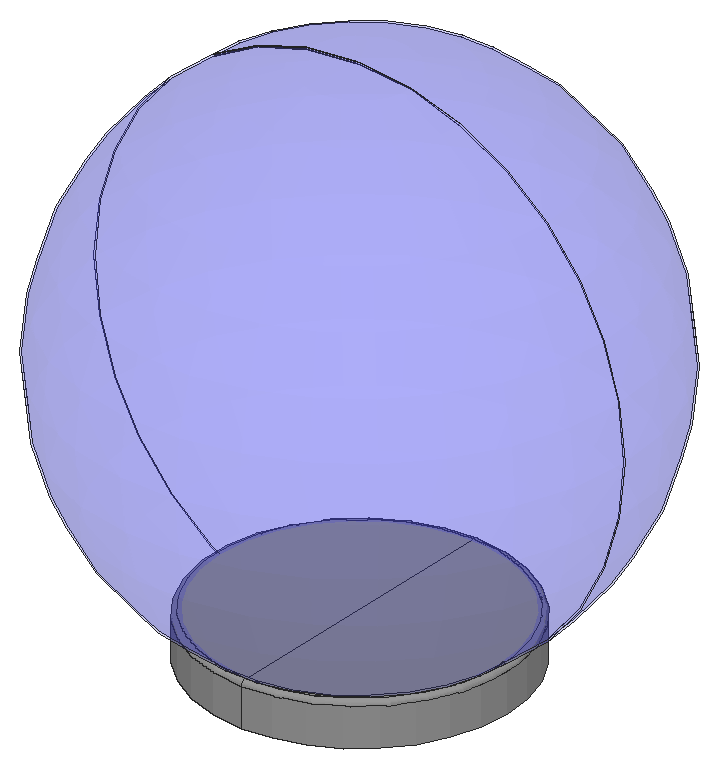
Revit family "50540_BEGA_Revit", category Lighting Fixtures, host Face, Revit 2018
Family settings
  Host = Face
  Round Connector Dimension = Use Diameter
  Part Type = Normal
  Cut with Voids When Loaded = Yes
  Light Source = Yes
  Shared = No
  Room Calculation Point = No
Parameters (values of type "Ceiling and wall luminaire")
  Wattage = 18.7489 W
  built-in parameter 1150110 = 1 (stored number, unit not read)
  URL = "www.bega-us.com"
  built-in parameter 1114217 = 1 (stored number, unit not read)
  Tilt Angle = 180.00°
  built-in parameter 1150109 = 1 (stored number, unit not read)
  built-in parameter 1150134 = 12
  Telephone = "805.684.0533"
  built-in parameter 1150113 = 1 (stored number, unit not read)
  Photometric Web File = "50540K4_BEGA_IES.ies"
  Model = "50540"
  Manufacturer = "BEGA-US"
  built-in parameter 1150105 = 221.62 (stored number, unit not read)
  Lumens = 2785 lm
  built-in parameter 1150115 = 1 (stored number, unit not read)
  built-in parameter 1150137 = (empty or 0)
  built-in parameter 1150139 = (empty or 0)
  built-in parameter 1150112 = 1 (stored number, unit not read)
  built-in parameter 1150114 = 1 (stored number, unit not read)
  Lamp = "8.4W LED"
  built-in parameter 1150132 = 2
  built-in parameter 1150102 = (empty or 0)
  built-in parameter 1150107 = 4000 (stored number, unit not read)
  built-in parameter 1150138 = (empty or 0)
  built-in parameter 1150106 = 2.2162 (stored number, unit not read)
  built-in parameter 1150104 = 13.8 (stored number, unit not read)
  Dimming Lamp Color Temperature Shift = <None>
  Description = "Ceiling and wall luminaire"
  Default Elevation = 6' - 0"
  Color Filter = 16777215
  built-in parameter 1114218 = 1 (stored number, unit not read)
  built-in parameter 1150133 = 10 (stored number, unit not read)
Types (5): name | Wattage | Tilt Angle | built-in parameter 1150134 | Photometric Web File | Model | built-in parameter 1150105 | Lumens | Lamp | built-in parameter 1150107 | built-in parameter 1150106 | Description
  (no name) | 18.7489 W | 180.00° | 12 | "50540K4_BEGA_IES.ies" | "50540" | 221.62 (stored number, unit not read) | 2785 lm | "8.4W LED" | 4000 (stored number, unit not read) | 2.2162 (stored number, unit not read) | "Ceiling and wall luminaire"
  Wall Luminaires - Directed Light | 18.4392 W | 90.00° | (empty or 0) | "generic" | "2260LED" | 217.96 (stored number, unit not read) | 2739 lm | "44.6W LED" | 3000 (stored number, unit not read) | 2.1796 (stored number, unit not read) | "Surface wall with cutoff optics"
  Wall Luminaires - Linear | 9.92985 W | 90.00° | 9 | "generic" | "4425P" | 117.38 (stored number, unit not read) | 1475 lm | "(1) 39W CF twin-4-p" | 3450 (stored number, unit not read) | 1.1738 (stored number, unit not read) | "Suface wall - linear with white acrylic diffuser"
  Ceiling and Wall Luminaires - Unshielded | 2.66591 W | 90.00° | (empty or 0) | "33508.ies" | "33 508" | 31.513 (stored number, unit not read) | 396 lm | "8.4W LED" | 3000 (stored number, unit not read) | 0.31513 (stored number, unit not read) | "LED ceiling and wall luminaires - impact resistant"
  Ceiling and wall luminaire | 18.7489 W | 180.00° | 12 | "50540K4_BEGA_IES.ies" | "50540" | 221.62 (stored number, unit not read) | 2785 lm | "8.4W LED" | 4000 (stored number, unit not read) | 2.2162 (stored number, unit not read) | "Ceiling and wall luminaire"
Reference planes (in)
  plane 1 "Center (Front/Back)": y = 0
  plane 2: z = 0
  plane 3 "Center (Left/Right)": x = 0
Dimensions and locks (in)
  aligned and locked: plane 2 to host face
  aligned and locked: level to host face
Nested families (in)
  nested 1: "Generic Model_2020" at (-0.04963, 0, 0), type "Generic Model_2020"
Connectors (in)
  electrical at (0, 0, 0)
    settings: on host face, index 1, voltage 0 V, apparent load 0 VA, apparent load phase1 0 VA, apparent load phase2 0 VA, apparent load phase3 0 VA, power factor 1, load classification "Other", number of poles 1, system type 31, power factor state 1, is connector primary yes, connector utility no, sub classification motor no, connector description ""
Definition of nested family "Generic Model_2020"
  Parameters (values of type "Generic Model_2020")
    Default Elevation = 4' - 0"
  Reference planes (in)
    plane 1 "Center (Front/Back)": y = 0
    plane 2: z = 0
    plane 3 "Center (Left/Right)": x = 0
  Forms (in)
    Extrusion 1, solid
      sketch origin (0, 0, 0) x (1, 0, 0) y (0, 1, 0)
        loop
          line (-48, 48) -> (-48, -48) -> (48, -48) -> (48, 48) -> (-48, 48)
      from 0 to -12
    Revolve 2, solid
      sketch origin (0, 0, 0) x (0, 1, 0) y (0, 0, 1)
        loop
          line (0, 0) -> (3.2834, 0) -> (3.2834, 0.83721)
          arc (3.2834, 0.83721) -> (3.25212, 0.91272) -> (3.17661, 0.944) r 0.10679
          line (3.17661, 0.944) -> (0, 0.944) -> (0, 0)
        axis (0, 0) -> (0, 0.944)
      angle from 0 to 360
    Revolve 3, solid
      sketch origin (0, 0, 0) x (1, 0, 0) y (0, 0, 1)
        loop
          line (0, 11.8189) -> (0, 11.78765)
          arc (0, 11.78765) -> (5.87425, 5.9134) -> (0, 0.03915) r 5.87425
          line (0, 0.03915) -> (0, 0.0079)
          arc (0, 0.0079) -> (5.9055, 5.9134) -> (0, 11.8189) r 5.9055
        axis (0, 11.8189) -> (0, 0.0079)
      angle from 0 to 360
  Dimensions and locks (in)
    aligned and locked: plane 2 to Extrusion 1
    aligned and locked: level to Extrusion 1
